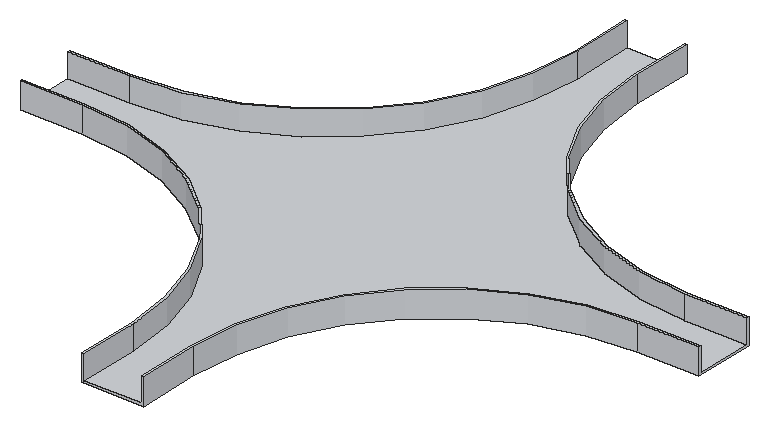
Revit family "M_Cruzamento horizontal da guia", category Conexões da bandeja de cabos, Revit 2019
Family settings
  Cota do conector redondo = Utilizar diâmetro
  Tipo de parte = Canal transversal
  Número OmniClass = 23.80.30.17.17
  Título OmniClass = Cable Trays and Horizontal Racks
  ID de item do Seek = Channel Horizontal Cross-0000-CAN-ENU
  Com base no plano de trabalho = Não
  Sempre na vertical = Sim
  Corte com vazios quando carregada = Não
  Compartilhado = Não
Parameters (values of type "Raio de 300 mm")
  Tamanho da bandeja 3 [instance] = 75 mm
  Tamanho da bandeja 1 [instance] = 75 mm
  Comprimento da bandeja [instance] = 75 mm
  Altura da bandeja [instance] = 32 mm
  built-in parameter 1140111 [instance] = 2.5 mm
  Legenda do raio 1 [instance] = Legenda do raio + [built-in parameter 1140111]  # 302.5 mm
  Legenda do raio [instance] = Raio  # 300 mm
  Raio = 300 mm
Types (5, lengths in mm): name | Legenda do raio 1 | Legenda do raio | Raio
  (no name) | 302.5 | 300 | 300
  Raio de 300 mm | 302.5 | 300 | 300
  Raio de 600 mm | 602.5 | 600 | 600
  Raio de 900 mm | 902.5 | 900 | 900
  Raio de 1200 mm | 1202.5 | 1200 | 1200
Reference planes
  plane 1 "Centro (Frente/Trás)": y = 0
  plane 2: z = 0
  plane 3 "Centro (Esquerda/Direita)": x = 0
  plane 4: y = 37.5
  plane 5: y = -37.5
  plane 6: z = 16
  plane 7: z = -16
  plane 8: y = -337.5
  plane 9: x = -37.5
  plane 10: x = 37.5
  plane 11: x = -337.5
  plane 12: x = 337.5
  plane 13: y = -35
  plane 14: y = 35
  plane 15: y = -412.5
  plane 16: x = -35
  plane 17: x = 35
  plane 18: x = -412.5
  plane 19: x = 412.5
  plane 20: z = -13.5
  plane 21: y = 337.5
  plane 22: y = 412.5
Forms (mm)
  Extrusion 1, solid, detail levels fine
    sketch origin (0, 0, 0) x (1, 0, 0) y (0, 1, 0)
      loop
        arc (-337.5, -37.5) -> (-125.368, -125.368) -> (-37.5, -337.5) r 300
        line (-37.5, -337.5) -> (-37.5, -412.5) -> (-35, -412.5) -> (-35, -337.5)
        arc (-35, -337.5) -> (-123.6, -123.6) -> (-337.5, -35) r 302.5
        line (-337.5, -35) -> (-412.5, -35) -> (-412.5, -37.5) -> (-337.5, -37.5)
      loop
        line (337.5, -37.5) -> (412.5, -37.5) -> (412.5, -35) -> (337.5, -35)
        arc (337.5, -35) -> (123.6, -123.6) -> (35, -337.5) r 302.5
        line (35, -337.5) -> (35, -412.5) -> (37.5, -412.5) -> (37.5, -337.5)
        arc (37.5, -337.5) -> (125.368, -125.368) -> (337.5, -37.5) r 300
      loop
        arc (-37.5, 337.5) -> (-125.368, 125.368) -> (-337.5, 37.5) r 300
        line (-337.5, 37.5) -> (-412.5, 37.5) -> (-412.5, 35) -> (-337.5, 35)
        arc (-337.5, 35) -> (-123.6, 123.6) -> (-35, 337.5) r 302.5
        line (-35, 337.5) -> (-35, 412.5) -> (-37.5, 412.5) -> (-37.5, 337.5)
      loop
        line (35, 412.5) -> (35, 337.5)
        arc (35, 337.5) -> (123.6, 123.6) -> (337.5, 35) r 302.5
        line (337.5, 35) -> (412.5, 35) -> (412.5, 37.5) -> (337.5, 37.5)
        arc (337.5, 37.5) -> (125.368, 125.368) -> (37.5, 337.5) r 300
        line (37.5, 337.5) -> (37.5, 412.5) -> (35, 412.5)
    from -16 to 16
  Extrusion 2, solid, detail levels fine
    sketch origin (0, 0, 0) x (1, 0, 0) y (0, 1, 0)
      loop
        arc (-337.5, -37.5) -> (-125.368, -125.368) -> (-37.5, -337.5) r 300
        line (-37.5, -337.5) -> (-37.5, -412.5) -> (37.5, -412.5) -> (37.5, -337.5)
        arc (37.5, -337.5) -> (125.368, -125.368) -> (337.5, -37.5) r 300
        line (337.5, -37.5) -> (412.5, -37.5) -> (412.5, 37.5) -> (337.5, 37.5)
        arc (337.5, 37.5) -> (125.368, 125.368) -> (37.5, 337.5) r 300
        line (37.5, 337.5) -> (37.5, 412.5) -> (-37.5, 412.5) -> (-37.5, 337.5)
        arc (-37.5, 337.5) -> (-125.368, 125.368) -> (-337.5, 37.5) r 300
        line (-337.5, 37.5) -> (-412.5, 37.5) -> (-412.5, -37.5) -> (-337.5, -37.5)
    from -16 to -13.5
  Extrusion 3, solid, detail levels medium
    sketch origin (0, 0, 0) x (1, 0, 0) y (0, 1, 0)
      loop
        arc (-337.5, -37.5) -> (-125.368, -125.368) -> (-37.5, -337.5) r 300
        line (-37.5, -337.5) -> (-37.5, -412.5) -> (37.5, -412.5) -> (37.5, -337.5)
        arc (37.5, -337.5) -> (125.368, -125.368) -> (337.5, -37.5) r 300
        line (337.5, -37.5) -> (412.5, -37.5) -> (412.5, 37.5) -> (337.5, 37.5)
        arc (337.5, 37.5) -> (125.368, 125.368) -> (37.5, 337.5) r 300
        line (37.5, 337.5) -> (37.5, 412.5) -> (-37.5, 412.5) -> (-37.5, 337.5)
        arc (-37.5, 337.5) -> (-125.368, 125.368) -> (-337.5, 37.5) r 300
        line (-337.5, 37.5) -> (-412.5, 37.5) -> (-412.5, -37.5) -> (-337.5, -37.5)
    from -16 to 16
Cuts and joins
  joined: Extrusion 1, Extrusion 2
Lines and regions (mm)
  model lines, detail levels coarse
    curve 1: line (-412.5, 0, 0) -> (412.5, 0, 0)
    curve 2: line (0, 0, 0) -> (0, -412.5, 0)
    curve 3: line (0, 412.5, 0) -> (0, 0, 0)
Dimensions and locks
  equal spacing: plane 4, plane 1 "Centro (Frente/Trás)", plane 5
  "Tamanho da bandeja 1": plane 4 to plane 5
  equal spacing: plane 6, plane 2, plane 7
  "Altura da bandeja": plane 6 to plane 7
  "Legenda do raio": plane 5 to plane 8
  equal spacing: plane 9, plane 3 "Centro (Esquerda/Direita)", plane 10
  "Tamanho da bandeja 3": plane 9 to plane 10
  "Legenda do raio": plane 11 to plane 9
  "Legenda do raio": plane 10 to plane 12
  "built-in parameter 1140111": plane 13 to plane 5
  "built-in parameter 1140111": plane 4 to plane 14
  "Comprimento da bandeja": plane 8 to plane 15
  "built-in parameter 1140111": plane 9 to plane 16
  "built-in parameter 1140111": plane 17 to plane 10
  "Comprimento da bandeja": plane 18 to plane 11
  "Comprimento da bandeja": plane 12 to plane 19
  "built-in parameter 1140111": plane 20 to plane 7
  "Comprimento da bandeja": plane 21 to plane 22
  "Raio": plane 21 to plane 4
  "Legenda do raio": radius of Extrusion 1 sketch curve  (x4)
  "Legenda do raio 1": radius of Extrusion 1 sketch curve  (x4)
  "Legenda do raio": radius of Extrusion 2 sketch curve  (x4)
  "Legenda do raio": radius of Extrusion 3 sketch curve  (x4)
  aligned and locked: plane 8 to Extrusion 1 sketch curve  (x8)
  aligned and locked: plane 11 to Extrusion 1 sketch curve  (x6)
  aligned and locked: Extrusion 1 sketch curve to plane 13
  aligned and locked: plane 18 to Extrusion 1 sketch curve  (x2)
  aligned and locked: Extrusion 1 sketch curve to plane 5
  aligned and locked: Extrusion 1 sketch curve to plane 9  (x2)
  aligned and locked: plane 15 to Extrusion 1 sketch curve  (x2)
  aligned and locked: Extrusion 1 sketch curve to plane 16  (x2)
  aligned and locked: plane 16 to Extrusion 1 sketch curve
  aligned and locked: plane 9 to Extrusion 1 sketch curve
  aligned and locked: Extrusion 1 sketch curve to plane 15  (x2)
  aligned and locked: Extrusion 1 sketch curve to plane 18  (x2)
  aligned and locked: Extrusion 1 to plane 7
  aligned and locked: plane 6 to Extrusion 1
  aligned and locked: plane 12 to Extrusion 1 sketch curve  (x6)
  aligned and locked: plane 19 to Extrusion 1 sketch curve  (x3)
  aligned and locked: plane 5 to Extrusion 1 sketch curve
  aligned and locked: plane 13 to Extrusion 1 sketch curve
  aligned and locked: Extrusion 1 sketch curve to plane 19
  aligned and locked: Extrusion 1 sketch curve to plane 17
  aligned and locked: Extrusion 1 sketch curve to plane 10  (x2)
  aligned and locked: plane 10 to Extrusion 1 sketch curve
  aligned and locked: plane 17 to Extrusion 1 sketch curve  (x2)
  aligned and locked: plane 8 to Extrusion 2 sketch curve  (x4)
  aligned and locked: plane 11 to Extrusion 2 sketch curve  (x4)
  aligned and locked: plane 12 to Extrusion 2 sketch curve  (x4)
  aligned and locked: plane 18 to Extrusion 2 sketch curve  (x2)
  aligned and locked: Extrusion 2 sketch curve to plane 5
  aligned and locked: plane 4 to Extrusion 2 sketch curve
  aligned and locked: plane 5 to Extrusion 2 sketch curve
  aligned and locked: plane 19 to Extrusion 2 sketch curve  (x2)
  aligned and locked: plane 15 to Extrusion 2 sketch curve
  aligned and locked: plane 10 to Extrusion 2 sketch curve
  aligned and locked: plane 9 to Extrusion 2 sketch curve
  aligned and locked: Extrusion 2 sketch curve to plane 15
  aligned and locked: Extrusion 2 to plane 7
  aligned and locked: plane 20 to Extrusion 2
  aligned and locked: plane 8 to Extrusion 3 sketch curve  (x3)
  aligned and locked: plane 11 to Extrusion 3 sketch curve  (x4)
  aligned and locked: plane 18 to Extrusion 3 sketch curve  (x2)
  aligned and locked: Extrusion 3 sketch curve to plane 5  (x2)
  aligned and locked: plane 4 to Extrusion 3 sketch curve  (x2)
  aligned and locked: plane 5 to Extrusion 3 sketch curve
  aligned and locked: plane 12 to Extrusion 3 sketch curve  (x3)
  aligned and locked: plane 19 to Extrusion 3 sketch curve  (x2)
  aligned and locked: plane 15 to Extrusion 3 sketch curve
  aligned and locked: Extrusion 3 sketch curve to plane 10  (x2)
  aligned and locked: plane 10 to Extrusion 3 sketch curve
  aligned and locked: plane 9 to Extrusion 3 sketch curve
  aligned and locked: Extrusion 3 sketch curve to plane 15
  aligned and locked: Extrusion 3 to plane 7
  aligned and locked: plane 6 to Extrusion 3
  aligned and locked: plane 19 to curve 1
  aligned and locked: plane 18 to curve 1
  aligned and locked: plane 15 to curve 2
  aligned and locked: plane 1 "Centro (Frente/Trás)" to curve 2
  aligned and locked: curve 2 to plane 3 "Centro (Esquerda/Direita)"
  aligned and locked: plane 21 to Extrusion 1 sketch curve  (x6)
  aligned and locked: Extrusion 1 sketch curve to plane 14  (x2)
  aligned and locked: Extrusion 1 sketch curve to plane 4  (x2)
  aligned and locked: plane 22 to Extrusion 1 sketch curve  (x4)
  aligned and locked: plane 4 to Extrusion 1 sketch curve
  aligned and locked: plane 14 to Extrusion 1 sketch curve
  aligned and locked: plane 21 to Extrusion 3 sketch curve  (x3)
  aligned and locked: Extrusion 3 sketch curve to plane 4
  aligned and locked: plane 22 to Extrusion 3 sketch curve  (x2)
  aligned and locked: Extrusion 3 sketch curve to plane 9
  aligned and locked: plane 21 to Extrusion 2 sketch curve  (x3)
  aligned and locked: plane 22 to Extrusion 2 sketch curve  (x2)
  aligned and locked: Extrusion 2 sketch curve to plane 9
  aligned and locked: Extrusion 2 sketch curve to plane 10
  aligned and locked: Extrusion 2 sketch curve to plane 4
  aligned and locked: plane 22 to curve 3
  aligned and locked: curve 3 to plane 3 "Centro (Esquerda/Direita)"
Connectors
  cabletrayconduit at (-412.5, 0, 0), diameter 609.6, driven by "Altura da bandeja", driven by "Tamanho da bandeja 1"
    settings: on Extrusion 3, index 1, connector width 75 mm, connector height 32 mm, connector angle 0.00°, system type 32, placement type 0, profile type 1, connector reference index 2, is primary connector yes, connector utility param no, connector description ""
  cabletrayconduit at (412.5, 0, 0), diameter 609.6, driven by "Altura da bandeja", driven by "Tamanho da bandeja 1"
    settings: on Extrusion 3, index 2, connector width 75 mm, connector height 32 mm, connector angle 0.00°, system type 32, placement type 0, profile type 1, connector reference index 1, is primary connector no, connector utility param no, connector description ""
  cabletrayconduit at (0, -412.5, 0), diameter 609.6, driven by "Altura da bandeja", driven by "Tamanho da bandeja 3"
    settings: on Extrusion 3, index 3, connector width 75 mm, connector height 32 mm, connector angle 0.00°, system type 32, placement type 0, profile type 1, connector reference index 4, is primary connector no, connector utility param no, connector description ""
  cabletrayconduit at (0, 412.5, 0), diameter 609.6, driven by "Altura da bandeja", driven by "Tamanho da bandeja 3"
    settings: on Extrusion 3, index 4, connector width 75 mm, connector height 32 mm, connector angle 0.00°, system type 32, placement type 0, profile type 1, connector reference index 3, is primary connector no, connector utility param no, connector description ""
